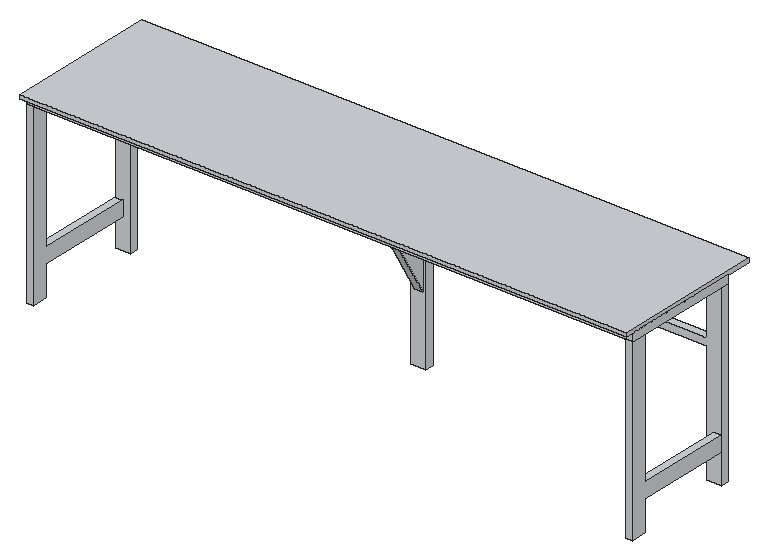
Revit family "BENCH_PRIMARY_4P-5P", category Furniture, Revit 2021
Family settings
  OmniClass Number = 23.40.20.00
  OmniClass Title = General Furniture and Specialties
  Work Plane-Based = No
  Always vertical = Yes
  Cut with Voids When Loaded = No
  Shared = No
  Room Calculation Point = No
Parameters (values of type "PRB5-24607")
  midleg = if(Length > 1500 mm, 1 = 1, 1 = 0)  # yes
  depth = 600 mm
  XL_WORKTOP = no
  Worktop_thickness [instance] = 16 mm
  WT_9-75_XL = and(Length = 900 mm, (XL_WORKTOP))  # no
  WT_9-75 = and(Length = 900 mm, not(XL_WORKTOP))  # no
  WT_6-75_XL = and(Length = 600 mm, (XL_WORKTOP))  # no
  WT_6-75 = and(Length = 600 mm, not(XL_WORKTOP))  # no
  WT_15-75_XL = and(Length = 1500 mm, (XL_WORKTOP))  # no
  WT_15-75 = and(Length = 1500 mm, not(XL_WORKTOP))  # no
  WT_12-75_XL = and(Length = 1200 mm, (XL_WORKTOP))  # no
  WT_12-75 = and(Length = 1200 mm, not(XL_WORKTOP))  # no
  URL = "https://ibr-innovasystem.com/PRODUCTS/BENCHPRIMARY"
  Manufacturer = "IBR InnovaSystem"
  Length = 2400 mm
  LOW_TAG = if(HEIGHT < 900 mm, 1 = 1, 1 = 0)  # yes
  HEIGHT = 750 mm
  FULL_WT = not(CUTOUT_WT)  # yes
  Description = "Primary Bench 5P 2400x600x750"
  Default Elevation = 0 mm
  CUTOUT_WT = no
  ASSEMBLY_ID [instance] = ""
  ADDITIONAL = no
Types (42, lengths in mm): name | midleg | depth | WT_9-75 | WT_6-75 | WT_15-75 | WT_12-75 | Length | LOW_TAG | HEIGHT | Description
  PRB-15759 | no | 750 | no | no | yes | no | 1500 | no | 900 | "Primary Bench 1500x750x900"
  PRB-15909 | no | 900 | no | no | yes | no | 1500 | no | 900 | "Primary Bench 1500x900x900"
  PRB-15609 | no | 600 | no | no | yes | no | 1500 | no | 900 | "Primary Bench 1500x600x900"
  PRB-15757 | no | 750 | no | no | yes | no | 1500 | yes | 750 | "Primary Bench 1500x750x750"
  PRB-15907 | no | 900 | no | no | yes | no | 1500 | yes | 750 | "Primary Bench 1500x900x750"
  PRB-15607 | no | 600 | no | no | yes | no | 1500 | yes | 750 | "Primary Bench 1500x600x750"
  PRB-12759 | no | 750 | no | no | no | yes | 1200 | no | 900 | "Primary Bench 1200x750x900"
  PRB-12909 | no | 900 | no | no | no | yes | 1200 | no | 900 | "Primary Bench 1200x900x900"
  PRB-12609 | no | 600 | no | no | no | yes | 1200 | no | 900 | "Primary Bench 1200x600x900"
  PRB-12757 | no | 750 | no | no | no | yes | 1200 | yes | 750 | "Primary Bench 1200x750x750"
  PRB-12907 | no | 900 | no | no | no | yes | 1200 | yes | 750 | "Primary Bench 1200x900x750"
  PRB-12607 | no | 600 | no | no | no | yes | 1200 | yes | 750 | "Primary Bench 1200x600x750"
  PRB-09759 | no | 750 | yes | no | no | no | 900 | no | 900 | "Primary Bench 900x750x900"
  PRB-09909 | no | 900 | yes | no | no | no | 900 | no | 900 | "Primary Bench 900x900x900"
  PRB-09609 | no | 600 | yes | no | no | no | 900 | no | 900 | "Primary Bench 900x600x900"
  PRB-09757 | no | 750 | yes | no | no | no | 900 | yes | 750 | "Primary Bench 900x750x750"
  PRB-09907 | no | 900 | yes | no | no | no | 900 | yes | 750 | "Primary Bench 900x900x750"
  PRB-09607 | no | 600 | yes | no | no | no | 900 | yes | 750 | "Primary Bench 900x600x750"
  PRB-06759 | no | 750 | no | yes | no | no | 600 | no | 900 | "Primary Bench 600x750x900"
  PRB-06909 | no | 900 | no | yes | no | no | 600 | no | 900 | "Primary Bench 600x900x900"
  PRB-06609 | no | 600 | no | yes | no | no | 600 | no | 900 | "Primary Bench 600x600x900"
  PRB-06757 | no | 750 | no | yes | no | no | 600 | yes | 750 | "Primary Bench 600x750x750"
  PRB-06907 | no | 900 | no | yes | no | no | 600 | yes | 750 | "Primary Bench 600x900x750"
  PRB-06607 | no | 600 | no | yes | no | no | 600 | yes | 750 | "Primary Bench 600x600x750"
  PRB5-18759 | yes | 750 | no | no | no | no | 1800 | no | 900 | "Primary Bench 5P 1800x750x900"
  PRB5-18909 | yes | 900 | no | no | no | no | 1800 | no | 900 | "Primary Bench 5P 1800x900x900"
  PRB5-18609 | yes | 600 | no | no | no | no | 1800 | no | 900 | "Primary Bench 5P 1800x600x900"
  PRB5-18757 | yes | 750 | no | no | no | no | 1800 | yes | 750 | "Primary Bench 5P 1800x750x750"
  PRB5-18607 | yes | 600 | no | no | no | no | 1800 | yes | 750 | "Primary Bench 5P 1800x600x750"
  PRB5-18907 | yes | 900 | no | no | no | no | 1800 | yes | 750 | "Primary Bench 5P 1800x900x750"
  PRB5-21759 | yes | 750 | no | no | no | no | 2100 | no | 900 | "Primary Bench 5P 2100x750x900"
  PRB5-21909 | yes | 900 | no | no | no | no | 2100 | no | 900 | "Primary Bench 5P 2100x900x900"
  PRB5-21609 | yes | 600 | no | no | no | no | 2100 | no | 900 | "Primary Bench 5P 2100x600x900"
  PRB5-21757 | yes | 750 | no | no | no | no | 2100 | yes | 750 | "Primary Bench 5P 2100x750x750"
  PRB5-21607 | yes | 750 | no | no | no | no | 2100 | yes | 750 | "Primary Bench 5P 2100x600x750"
  PRB5-21907 | yes | 900 | no | no | no | no | 2100 | yes | 750 | "Primary Bench 5P 2100x900x750"
  PRB5-24759 | yes | 750 | no | no | no | no | 2400 | no | 900 | "Primary Bench 5P 2400x750x900"
  PRB5-24909 | yes | 900 | no | no | no | no | 2400 | no | 900 | "Primary Bench 5P 2400x900x900"
  PRB5-24609 | yes | 600 | no | no | no | no | 2400 | no | 900 | "Primary Bench 5P 2400x600x900"
  PRB5-24756 | yes | 750 | no | no | no | no | 2400 | yes | 750 | "Primary Bench 5P 2400x750x750"
  PRB5-24907 | yes | 900 | no | no | no | no | 2400 | yes | 750 | "Primary Bench 5P 2400x900x750"
  PRB5-24607 | yes | 600 | no | no | no | no | 2400 | yes | 750 | "Primary Bench 5P 2400x600x750"
Reference planes
  plane 1 "Centro (Frontal/Posterior)": y = 0
  plane 2: z = 0
  plane 3 "Centro (Izquierda/Derecha)": x = 0
  plane 4: x = -1200
  plane 5: x = 1200
  plane 6: y = -300
  plane 7: y = -600
  plane 8: y = -100
  plane 9: y = -570
  plane 10: z = 734
  plane 11: z = 704
  plane 12: z = 750
  plane 13: x = -900
  plane 14: x = -1170
  plane 15: x = 1170
  plane 16: x = 1140
  plane 17: x = -1140
  plane 18: x = 30
  plane 19: x = -30
  plane 20: y = -130
Forms (mm)
  Extrusion 1, solid
    sketch origin (0, 0, 0) x (1, 0, 0) y (0, 1, 0)
      loop
        line (-1200, -100) -> (-1200, -570) -> (1200, -570) -> (1200, -100) -> (-1200, -100)
      loop
        line (-1140, -140) -> (-1140, -530) -> (1140, -530) -> (1140, -140) -> (-1140, -140)
    from 704 to 734
  Extrusion 2, solid, visible <- "FULL_WT"
    sketch origin (0, 0, 0) x (1, 0, 0) y (0, 1, 0)
      loop
        line (-1200, 0) -> (-1200, -600) -> (1200, -600) -> (1200, 0) -> (-1200, 0)
    from 734 to 750
  Extrusion 3, solid
    sketch origin (0, 0, 0) x (1, 0, 0) y (0, 0, 1)
      loop
        line (-1200, 704) -> (-1200, 0) -> (-1140, 0) -> (-1140, 474) -> (1140, 474) -> (1140, 0) -> (1200, 0) -> (1200, 704) -> (1140, 704) -> (1140, 504) -> (-1140, 504) -> (-1140, 704) -> (-1200, 704)
    from 100 to 130
  Extrusion 4, solid
    sketch origin (0, 0, 0) x (0, 1, 0) y (0, 0, 1)
      loop
        line (-130, 180) -> (-510, 180) -> (-510, 704) -> (-570, 704) -> (-570, 0) -> (-510, 0) -> (-510, 120) -> (-130, 120) -> (-130, 180)
    from -1170 to -1200
  Extrusion 5, solid
    sketch origin (0, 0, 0) x (0, 1, 0) y (0, 0, 1)
      loop
        line (-130, 180) -> (-510, 180) -> (-510, 704) -> (-570, 704) -> (-570, 0) -> (-510, 0) -> (-510, 120) -> (-130, 120) -> (-130, 180)
    from 1170 to 1200
  Extrusion 6, solid, visible <- "CUTOUT_WT"
    sketch origin (0, 0, 0) x (1, 0, 0) y (0, 1, 0)
      loop
        line (-1200, -100) -> (-1200, -600) -> (1200, -600) -> (1200, -100) -> (1140, -100) -> (1140, 0) -> (-1140, 0) -> (-1140, -100) -> (-1200, -100)
    from 734 to 750
  Extrusion 7, solid, visible <- "midleg"
    sketch origin (0, 0, 0) x (1, 0, 0) y (0, 1, 0)
      loop
        line (-30, -100) -> (-30, -130) -> (30, -130) -> (30, -100) -> (-30, -100)
    from 0 to 704
  Extrusion 8, solid, visible <- "midleg"
    sketch origin (0, 0, 0) x (0, 1, 0) y (0, 0, 1)
      loop
        line (-379.996, 704) -> (-130, 270.994) -> (-130, 390.124) -> (-311.216, 704) -> (-379.996, 704)
    from -15 to 15
Lines and regions (mm)
  symbolic lines, style "Furniture"
    curve 1: line (-1200, -600, 0) -> (-1200, 0, 0)
    curve 2: line (1200, 0, 0) -> (-1200, 0, 0)
    curve 3: line (1200, -600, 0) -> (1200, 0, 0)
    curve 4: line (-1200, -600, 0) -> (1200, -600, 0)
  symbolic lines, style "FurnitureHiddenLines"
    curve 5: line (1200, -100, 0) -> (-1200, -100, 0)
Dimensions and locks
  equal spacing: plane 4, plane 3 "Centro (Izquierda/Derecha)", plane 5
  "Length": plane 4 to plane 5
  equal spacing: plane 7, plane 6, plane 1 "Centro (Frontal/Posterior)"
  "depth": plane 1 "Centro (Frontal/Posterior)" to plane 7
  locked: plane 1 "Centro (Frontal/Posterior)" to plane 8 at 100
  locked: plane 9 to plane 7 at 30
  locked: Extrusion 1 sketch curve to plane 8 at 40
  locked: Extrusion 1 sketch curve to plane 9 at 40
  locked: plane 4 to Extrusion 1 sketch curve at 60
  locked: Extrusion 1 sketch curve to plane 5 at 60
  "Worktop_thickness": plane 12 to plane 10
  "HEIGHT": plane 12 to plane 2
  locked: plane 10 to plane 11 at 30
  locked: Extrusion 3 sketch curve to Extrusion 3 sketch curve at 60
  locked: plane 5 to Extrusion 3 sketch curve at 60
  locked: Extrusion 3 sketch curve to Extrusion 3 sketch curve at 30
  plane 11 to Extrusion 3 sketch curve = 230 mm
  locked: plane 4 to plane 13 at 300
  locked: Extrusion 4 sketch curve to plane 9 at 60  (x2)
  locked: Extrusion 4 sketch curve to plane 2 at 120
  locked: Extrusion 4 sketch curve to Extrusion 4 sketch curve at 60
  locked: plane 14 to plane 4 at 30
  locked: plane 5 to plane 15 at 30
  locked: plane 16 to plane 5 at 60
  locked: plane 4 to plane 17 at 60
  plane 19 to nested 9 to plane 18 = 30 mm locked, 30 mm locked
  locked: Extrusion 8 sketch curve to Extrusion 8 sketch curve at 499.992
  locked: Extrusion 8 sketch curve to Extrusion 8 sketch curve at 59.565
  locked: plane 11 to Extrusion 8 sketch curve (angle 60.00°)
  aligned and locked: level to plane 2
  aligned and locked: Extrusion 1 sketch curve to plane 8
  aligned and locked: plane 4 to Extrusion 1 sketch curve
  aligned and locked: plane 9 to Extrusion 1 sketch curve
  aligned and locked: Extrusion 1 sketch curve to plane 5
  aligned and locked: plane 10 to Extrusion 1
  aligned and locked: Extrusion 1 to plane 11
  aligned and locked: plane 1 "Centro (Frontal/Posterior)" to Extrusion 2 sketch curve
  aligned and locked: plane 4 to Extrusion 2 sketch curve
  aligned and locked: plane 7 to Extrusion 2 sketch curve
  aligned and locked: Extrusion 2 sketch curve to plane 5
  aligned and locked: plane 12 to Extrusion 2
  aligned and locked: Extrusion 2 to plane 10
  aligned and locked: plane 8 to Extrusion 3
  aligned and locked: nested 1 to plane 13
  aligned and locked: plane 3 "Centro (Izquierda/Derecha)" to nested 2
  aligned and locked: plane 3 "Centro (Izquierda/Derecha)" to nested 3
  aligned and locked: plane 3 "Centro (Izquierda/Derecha)" to nested 4
  aligned and locked: plane 3 "Centro (Izquierda/Derecha)" to nested 5
  aligned and locked: plane 3 "Centro (Izquierda/Derecha)" to nested 7
  aligned and locked: plane 3 "Centro (Izquierda/Derecha)" to nested 8
  aligned and locked: plane 3 "Centro (Izquierda/Derecha)" to nested 9
  aligned and locked: plane 3 "Centro (Izquierda/Derecha)" to nested 6
  aligned and locked: plane 1 "Centro (Frontal/Posterior)" to nested 5
  aligned and locked: plane 1 "Centro (Frontal/Posterior)" to nested 4
  aligned and locked: plane 1 "Centro (Frontal/Posterior)" to nested 3
  aligned and locked: plane 1 "Centro (Frontal/Posterior)" to nested 2
  aligned and locked: plane 1 "Centro (Frontal/Posterior)" to nested 9
  aligned and locked: plane 1 "Centro (Frontal/Posterior)" to nested 8
  aligned and locked: plane 1 "Centro (Frontal/Posterior)" to nested 7
  aligned and locked: plane 1 "Centro (Frontal/Posterior)" to nested 6
  aligned and locked: level to Extrusion 3 sketch curve
  aligned and locked: Extrusion 3 sketch curve to level
  aligned and locked: plane 11 to Extrusion 4 sketch curve
  aligned and locked: plane 14 to Extrusion 4
  aligned and locked: Extrusion 4 to plane 4
  aligned and locked: Extrusion 4 to Extrusion 5 sketch curve
  aligned and locked: Extrusion 5 sketch curve to Extrusion 4  (x6)
  aligned and locked: plane 5 to Extrusion 5
  aligned and locked: Extrusion 5 to plane 15
  aligned and locked: Extrusion 4 sketch curve to Extrusion 3
  aligned and locked: Extrusion 5 to Extrusion 3
  aligned and locked: plane 12 to Extrusion 6
  aligned and locked: Extrusion 6 to plane 10
  aligned and locked: plane 19 to Extrusion 7 sketch curve
  aligned and locked: Extrusion 7 sketch curve to plane 18
  aligned and locked: Extrusion 7 sketch curve to Extrusion 3
  aligned and locked: plane 11 to Extrusion 7
  aligned and locked: Extrusion 8 sketch curve to plane 20
Automatic sketch dimensions
  Extrusion 3 sketch curve to plane 4 = 0 mm
  Extrusion 3 sketch curve to plane 11 = 0 mm  (x2)
  Extrusion 3 sketch curve to plane 5 = 0 mm
  Extrusion 3 sketch curve to Extrusion 3 sketch curve = 0 mm  (x2)
  Extrusion 4 sketch curve to level = 0 mm
  Extrusion 4 sketch curve to plane 9 = 0 mm
  Extrusion 5 sketch curve to plane 8 = 30 mm
  Extrusion 6 sketch curve to plane 4 = 0 mm
  Extrusion 6 sketch curve to plane 17 = 0 mm
  Extrusion 6 sketch curve to plane 8 = 0 mm  (x2)
  Extrusion 6 sketch curve to plane 16 = 0 mm
  Extrusion 6 sketch curve to plane 5 = 0 mm
  Extrusion 6 sketch curve to plane 7 = 0 mm
  plane 1 "Centro (Frontal/Posterior)" to Extrusion 6 sketch curve = 0 mm
  Extrusion 7 sketch curve to plane 8 = 0 mm
  Extrusion 8 sketch curve to plane 11 = 0 mm
  curve 5 to plane 4 = 0 mm
  plane 1 "Centro (Frontal/Posterior)" to curve 2 = 0 mm
  curve 2 to plane 5 = 0 mm
  curve 3 to plane 7 = 0 mm
  curve 5 to plane 8 = 0 mm
Nested families
  nested 1: "CHAIR_TAG" at (-900, -471.301, 0), visible <- "LOW_TAG", type "CHAIR_TAG"
  nested 2: "WT-SERIES" at (0, 0, 0), depth <- "depth", length <- "Length", extra <- "XL_WORKTOP", type "WT-BHLL-0675-Q-01", not visible
    with length 2400 mm, extra no, depth 600 mm
  nested 3: "WT-SERIES" at (0, 0, 0), depth <- "depth", length <- "Length", extra <- "XL_WORKTOP", type "WT-BHLL-0975-Q-01", not visible
    with length 2400 mm, extra no, depth 600 mm
  nested 4: "WT-SERIES" at (0, 0, 0), depth <- "depth", length <- "Length", extra <- "XL_WORKTOP", type "WT-BHLL-1275-Q-01", not visible
    with length 2400 mm, extra no, depth 600 mm
  nested 5: "WT-SERIES" at (0, 0, 0), depth <- "depth", length <- "Length", extra <- "XL_WORKTOP", type "WT-BHLL-1575-Q-01", not visible
    with length 2400 mm, extra no, depth 600 mm
  nested 6: "WT-SERIES" at (0, 0, 0), depth <- "depth", length <- "Length", extra <- "XL_WORKTOP", type "WT-BHLL-1875-Q-01", not visible
    with length 2400 mm, extra no, depth 600 mm
  nested 7: "WT-SERIES" at (0, 0, 0), depth <- "depth", length <- "Length", extra <- "XL_WORKTOP", type "WT-BHLL-0975-Q-01", not visible
    with length 2400 mm, extra no, depth 600 mm
  nested 8: "WT-SERIES" at (0, 0, 0), depth <- "depth", length <- "Length", extra <- "XL_WORKTOP", type "WT-BHLL-1275-Q-01", not visible
    with length 2400 mm, extra no, depth 600 mm
  nested 9: "WT-SERIES" at (0, 0, 0), depth <- "depth", length <- "Length", extra <- "XL_WORKTOP", type "WT-BHLL-1575-Q-01", not visible
    with length 2400 mm, extra no, depth 600 mm
Definition of nested family "CHAIR_TAG"
  Parameters (values of type "CHAIR_TAG")
    GAS TEXT = "LOW"
  Reference planes
    plane 1: y = 0
    plane 2: x = 0
  Text (mm)
    label "Xx" at (0.338, 0.689, 0), shows "GAS TEXT"
Definition of nested family "WT-SERIES"
  Parameters (values of type "WT-BHLL-1875-Q-01")
    length [instance] = 1714.076 mm
    extra [instance] = no
    depth [instance] = 840 mm
    Manufacturer = "BenchTech"
    Description = "HPL Chem Res. Worktop for BHLL 1800x750"
    Default Elevation = 0 mm
  Types (5, lengths in mm): name | Description
    WT-BHLL-0675-Q-01 | "HPL Chem Res. Worktop for BHLL 600x750"
    WT-BHLL-0975-Q-01 | "HPL Chem Res. Worktop for BHLL 900x750"
    WT-BHLL-1275-Q-01 | "HPL Chem Res. Worktop for BHLL 1200x750"
    WT-BHLL-1575-Q-01 | "HPL Chem Res. Worktop for BHLL 1500x750"
    WT-BHLL-1875-Q-01 | "HPL Chem Res. Worktop for BHLL 1800x750"
  Reference planes
    plane 1 "Center (Front/Back)": y = 0
    plane 2: z = 0
    plane 3 "Center (Left/Right)": x = 0
    plane 4: x = -857.038
    plane 5: x = 857.038
    plane 6: y = -840
    plane 7: x = 757.038
    plane 8: y = -740
  Lines and regions (mm)
    symbolic lines
      curve 1: line (-842.038, -15, 0) -> (842.038, -15, 0)
      curve 2: line (-842.038, -825, 0) -> (-842.038, -15, 0)
      curve 3: line (842.038, -825, 0) -> (-842.038, -825, 0)
      curve 4: line (842.038, -15, 0) -> (842.038, -825, 0)
    symbolic lines, visible <- "extra"
      curve 5: line (667.038, -740, 0) -> (757.038, -740, 0)
      curve 6: line (757.038, -740, 0) -> (757.038, -639.775, 0)
  Dimensions and locks
    "length": plane 4 to plane 5
    equal spacing: plane 4, plane 3 "Center (Left/Right)", plane 5
    "depth": plane 6 to plane 1 "Center (Front/Back)"
    plane 7 to plane 5 = 100 mm
    plane 8 to plane 6 = 100 mm
    aligned and locked: level to plane 2
  Automatic sketch dimensions
    curve 6 to plane 7 = 0 mm
    plane 4 to curve 2 = 15 mm
    curve 3 to plane 5 = 15 mm
    plane 6 to curve 3 = 15 mm
    plane 1 "Center (Front/Back)" to curve 2 = 15 mm
    curve 5 to plane 8 = 0 mm
    curve 5 to curve 6 = 100.225 mm
    curve 5 to curve 5 = 90 mm
